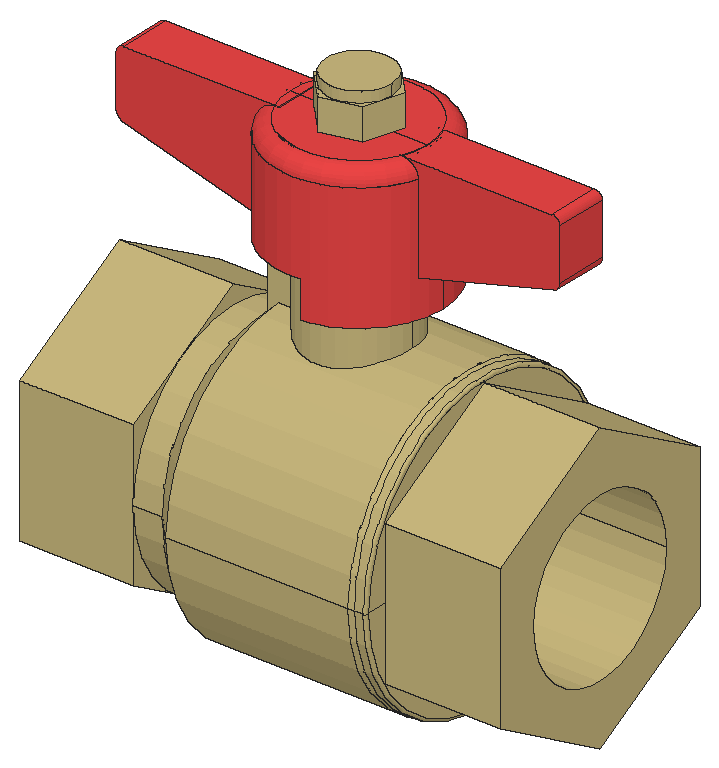
Revit family "QA00840000", category Apparecchi idraulici, Revit 2016
Family settings
  Tipo di parte = Normale
  Quota connettore circolare = Usa diametro
  Numero OmniClass = 23.45.00.00
  Titolo OmniClass = Sanitary, Laundry, and Cleaning Equipment
  Basato su piano di lavoro = No
  Sempre verticale = Sì
  Taglio con vuoti quando caricato = No
  Condiviso = No
  Punto di calcolo locali = No
Parameters
  URL = "https://web.cimberio.it/index.php/figura/365?subcategoria_id=41693"
  DN Model [instance] = QA00841032 : QA00841032
  DN [instance] = 32 mm
Reference planes
  plane 1 "Centro (Fronte/Retro)": y = 0
  plane 2: z = 0
  plane 3 "Centro (Sinistra/Destra)": x = 0
Dimensions and locks
  aligned and locked: level to plane 2
Nested families
  nested 1: "QA00841032" at (0, 0, 0), type <- "DN Model", type "QA00841032"
  nested 2: "QA00841032" at (0, 0, 0), type <- "DN Model", type "QA00841032"
  nested 3: "QA00841032" at (0, 0, 0), type <- "DN Model", type "QA00841032"
  nested 4: "QA00841032" at (0, 0, 0), type <- "DN Model", type "QA00841032"
  nested 5: "QA00841032" at (0, 0, 0), type <- "DN Model", type "QA00841032"
  nested 6: "QA00841032" at (0, 0, 0), type <- "DN Model", type "QA00841032"
  nested 7: "QA00841032" at (0, 0, 0), type <- "DN Model", type "QA00841032"
  nested 8: "QA00841032" at (0, 0, 0), type <- "DN Model", type "QA00841032"
Connectors
  piping at (45.988, 0, 0), diameter 32, driven by "DN"
    settings: on nested 1, index 1, connector inside diameter 609.6 mm, connector length 0 mm, flow factor 0, pipe flow 0.0 L/s, pressure drop 0.0 Pa, fitting loss kfactor 0, connector angle 0.00°, fixture units 0, engagement length 0 mm, angle of deflection 0.00°, flow configuration 0, flow direction 0, fitting loss method 0, system type 7, joint type 0, gender type 0, connector reference index -1, connector utility 0, adjustable connector no, is connector primary yes, connector description ""
  piping at (-45.712, 0, 0), diameter 32, driven by "DN"
    settings: on nested 1, index 2, connector inside diameter 609.6 mm, connector length 0 mm, flow factor 0, pipe flow 0.0 L/s, pressure drop 0.0 Pa, fitting loss kfactor 0, connector angle 0.00°, fixture units 0, engagement length 0 mm, angle of deflection 0.00°, flow configuration 0, flow direction 0, fitting loss method 0, system type 7, joint type 0, gender type 0, connector reference index -1, connector utility 0, adjustable connector no, is connector primary no, connector description ""
Definition of nested family "QA00841032"
  Reference planes
    plane 1 "Centro (Fronte/Retro)": y = 0
    plane 2: z = 0
    plane 3 "Centro (Sinistra/Destra)": x = 0
    plane 4: x = 120
  Forms (mm)
    Revolve 1, solid
      sketch origin (0, 0, 0) x (0, 1, 0) y (-1, 0, 0)
        loop
          line (11.385, 24) -> (11.385, -23.85) -> (27.649, -23.85)
          arc (27.649, -23.85) -> (28.067, -23.741) -> (28.25, -23.35) r 0.508
          line (28.25, -23.35) -> (28.25, -21.609) -> (28.5, -20.676) -> (28.5, 14) -> (24, 18.5) -> (24, 24) -> (11.385, 24)
        axis (0, 24) -> (0, -23.85)
      angle from 0 to 360
    Extrusion 2, solid
      sketch origin (-24, 0, 0) x (0, 1, 0) y (0, 0, -1)
        loop
          circle (0, 0) r 16
        loop
          line (0, 27.4) -> (-23.729, 13.7) -> (-23.729, -13.7) -> (0, -27.4) -> (23.729, -13.7) -> (23.729, 13.7) -> (0, 27.4)
      from 0 to 21.712
    Extrusion 3, solid
      sketch origin (24, 0, 0) x (0, 1, 0) y (0, 0, 1)
        loop
          circle (0, 0) r 16
        loop
          line (0, -27.4) -> (23.729, -13.7) -> (23.729, 13.7) -> (0, 27.4) -> (-23.729, 13.7) -> (-23.729, -13.7) -> (0, -27.4)
      from -0.512 to 21.988
    Extrusion 4, solid
      sketch origin (0, 0, 58.3) x (0, 1, 0) y (-1, 0, 0)
        loop
          circle (0, 0) r 10.2
        loop
          circle (0, 0) r 7.709
      from -35.267 to -1.538
    Revolve 5, solid
      sketch origin (0, 0, 0) x (1, 0, 0) y (0, 0, 1)
        loop
          line (0, 64.3) -> (-13.119, 64.3)
          arc (-13.119, 64.3) -> (-15.23, 63.426) -> (-16.105, 61.315) r 2.985
          line (-16.105, 61.315) -> (-16.105, 37.3) -> (-10.776, 37.3) -> (-10.776, 57.3) -> (0, 57.3) -> (0, 64.3)
        axis (0, 64.3) -> (0, 37.3)
      angle from 0 to 360
    Extrusion 6, void
      sketch origin (0, 0, 58.3) x (0, 1, 0) y (-1, 0, 0)
        loop
          arc (0, 16.105) -> (-11.986, 10.756) -> (-16.01, -1.738) r 16.105
          line (-16.01, -1.738) -> (-10.635, -1.738)
          arc (-10.635, -1.738) -> (-8.211, 6.978) -> (0, 10.776) r 10.776
          line (0, 10.776) -> (0, 16.105)
      from -22.832 to -14
    Extrusion 7, solid
      sketch origin (0, 0, 0) x (1, 0, 0) y (0, 0, 1)
        loop
          line (-11.294, 64.3) -> (-40.872, 64.3)
          arc (-40.872, 64.3) -> (-41.925, 63.864) -> (-42.362, 62.81) r 1.49
          line (-42.362, 62.81) -> (-42.362, 52.961)
          arc (-42.362, 52.961) -> (-42.041, 52.03) -> (-41.215, 51.493) r 1.513
          line (-41.215, 51.493) -> (-15.314, 44.553) -> (-11.294, 64.3)
        loop
          line (11.294, 64.3) -> (15.314, 44.553) -> (41.215, 51.493)
          arc (41.215, 51.493) -> (42.041, 52.03) -> (42.362, 52.961) r 1.513
          line (42.362, 52.961) -> (42.362, 62.81)
          arc (42.362, 62.81) -> (41.925, 63.864) -> (40.872, 64.3) r 1.49
          line (40.872, 64.3) -> (11.294, 64.3)
      from -5 to 5
    Extrusion 8, solid
      sketch origin (0, 0, 58.3) x (0, 1, 0) y (-1, 0, 0)
        loop
          line (-7.178, 2.194) -> (-5.489, -5.119) -> (1.688, -7.313) -> (7.178, -2.194) -> (5.489, 5.119) -> (-1.688, 7.313) -> (-7.178, 2.194)
      from 6 to 12
    Extrusion 9, solid
      sketch origin (0, 0, 70.3) x (0, 1, 0) y (-1, 0, 0)
        loop
          circle (0, 0) r 6.25
      from 0 to 2
    Extrusion 10, solid
      sketch origin (0, 0, 0) x (1, 0, 0) y (0, 0, 1)
        loop
          line (-16.063, 41.8) -> (-16.063, 25.085) -> (-9.037, 25.085) -> (-9.037, 41.8) -> (-16.063, 41.8)
      from 0 to 1.601
  Cuts and joins
    Extrusion 6 cuts Revolve 5
    joined: Revolve 1, Extrusion 4, Extrusion 10
  Dimensions and locks
    aligned and locked: level to plane 2
